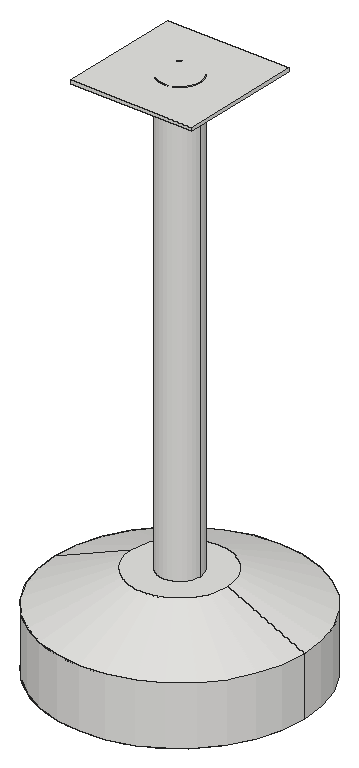
Revit family "Fans_Industrial_Standard-Drive-Fans_Commercial_Large-Diameter-8ft_Apex_Epic-Fans", category Electrical Fixtures, host Ceiling, Revit 2026
Family settings
  Host = Ceiling
  Round Connector Dimension = Use Diameter
  Part Type = Normal
  Classification Number = 23.80.00.00
  Always vertical = Yes
  Cut with Voids When Loaded = No
  Maintain Annotation Orientation = No
  Shared = No
  Room Calculation Point = No
Parameters (values of type "2' Down Tube")
  Model = "Commercial"
  Down Tube = 2' - 0"
  Description = "HVLS Fan"
  Default Elevation = 0' - 0"
Types (10): name | Down Tube
  (no name) | 2' - 0"
  2' Down Tube | 2' - 0"
  3' Down Tube | 3' - 0"
  4' Down Tube | 4' - 0"
  5' Down Tube | 5' - 0"
  6' Down Tube | 6' - 0"
  7' Down Tube | 7' - 0"
  8' Down Tube | 8' - 0"
  9' Down Tube | 9' - 0"
  10' Down Tube | 10' - 0"
Reference planes (in)
  plane 1 "Center (Front/Back)": y = 0
  plane 2 "Ceiling": z = 96
  plane 3 "Center (Left/Right)": x = 0
  plane 4: x = 3.5
  plane 5: x = -3.5
  plane 6: y = 3.5
  plane 7: y = -3.5
  plane 8: z = 70.5
  plane 9: z = 68.625
  plane 10: z = 65.25
  plane 11: z = 63.375
  plane 12: z = 66.9375
  plane 13: z = 94.5
Forms (in)
  Extrusion 1, solid, material "Steel"
    sketch origin (0, 0, 96) x (1, 0, 0) y (0, 1, 0)
      loop
        line (-3.5, 3.5) -> (-3.5, -3.5) -> (3.5, -3.5) -> (3.5, 3.5) -> (-3.5, 3.5)
    from 0 to -0.1875
  Extrusion 2, solid, material "Steel"
    sketch origin (0, 0, 96) x (1, 0, 0) y (0, 1, 0)
      loop
        circle (0, 0) r 1.18687
    from 0 to -25.5
  Blend 3, solid, material "Steel"
    base sketch origin (0, 0, 0) x (1, 0, 0) y (0, 1, 0)
      loop
        circle (0, 0) r 2.75
    top sketch origin (0, 0, 0) x (1, 0, 0) y (0, 1, 0)
      loop
        circle (0, 0) r 7.1875
    from 70.5 to 68.625
  Extrusion 4, solid, material "Steel"
    sketch origin (0, 0, 0) x (1, 0, 0) y (0, 1, 0)
      loop
        circle (0, 0) r 7.1875
    from 68.625 to 65.25
  Blend 5, solid, material "Steel"
    base sketch origin (0, 0, 0) x (1, 0, 0) y (0, 1, 0)
      loop
        circle (0, 0) r 7.1875
    top sketch origin (0, 0, 0) x (1, 0, 0) y (0, 1, 0)
      loop
        circle (0, 0) r 2.75
    from 65.25 to 63.375
Dimensions and locks (in)
  equal spacing: host sketch curve, plane 3 "Center (Left/Right)", host sketch curve
  equal spacing: host sketch curve, plane 1 "Center (Front/Back)", host sketch curve
  host sketch curve to host sketch curve = 10' - 0"  (x2)
  equal spacing: plane 5, plane 3 "Center (Left/Right)", plane 4
  locked: plane 5 to plane 4 at 7
  equal spacing: plane 6, plane 1 "Center (Front/Back)", plane 7
  locked: plane 6 to plane 7 at 7
  locked: plane 9 to plane 8 at 1.875
  locked: plane 10 to plane 9 at 3.375
  locked: plane 11 to plane 10 at 1.875
  equal spacing: plane 8, plane 12, plane 11
  locked: plane 2 "Ceiling" to plane 13 at 1.5
  "Down Tube": plane 13 to plane 8
  radius of Extrusion 2 sketch curve = 0' - 1.18687"
  radius of Blend 3 sketch curve = 0' - 2 3/4"
  radius of Extrusion 4 sketch curve = 0' - 7 3/16"
  radius of Blend 5 sketch curve = 0' - 7 3/16"
  radius of Blend 5 sketch curve = 0' - 2 3/4"
  aligned and locked: Extrusion 1 sketch curve to plane 6
  aligned and locked: Extrusion 1 sketch curve to plane 5
  aligned and locked: plane 7 to Extrusion 1 sketch curve
  aligned and locked: plane 4 to Extrusion 1 sketch curve
  aligned and locked: plane 3 "Center (Left/Right)" to Extrusion 2 sketch curve
  aligned and locked: plane 1 "Center (Front/Back)" to Extrusion 2 sketch curve
  aligned and locked: Extrusion 2 to plane 8
  aligned and locked: plane 1 "Center (Front/Back)" to Blend 3 sketch curve  (x2)
  aligned and locked: plane 3 "Center (Left/Right)" to Blend 3 sketch curve  (x2)
  aligned and locked: plane 8 to Blend 3
  aligned and locked: Blend 3 to plane 9
  aligned and locked: plane 1 "Center (Front/Back)" to Extrusion 4 sketch curve
  aligned and locked: plane 3 "Center (Left/Right)" to Extrusion 4 sketch curve
  aligned and locked: plane 9 to Extrusion 4
  aligned and locked: Extrusion 4 to plane 10
  aligned and locked: plane 3 "Center (Left/Right)" to Blend 5 sketch curve  (x2)
  aligned and locked: plane 1 "Center (Front/Back)" to Blend 5 sketch curve  (x2)
  aligned and locked: plane 10 to Blend 5
  aligned and locked: Blend 5 to plane 11
  aligned and locked: import instance to plane 12
  aligned and locked: plane 1 "Center (Front/Back)" to import instance
  aligned and locked: import instance to plane 3 "Center (Left/Right)"
Automatic sketch dimensions
  radius of Blend 3 sketch curve = 0' - 7 3/16"
